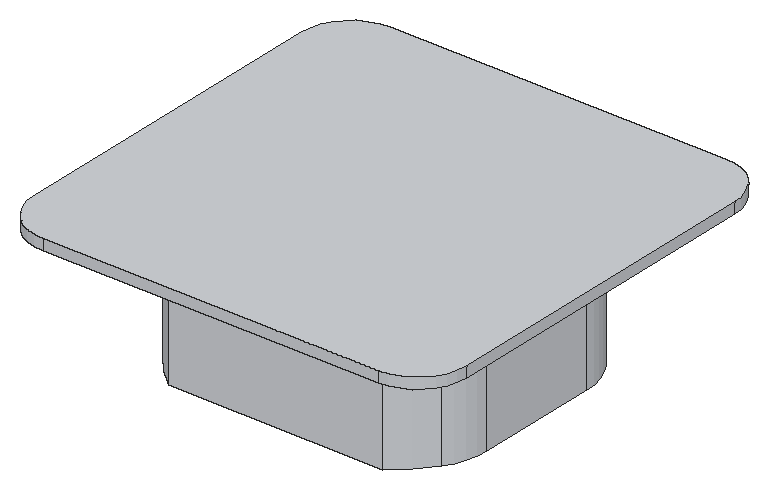
Revit family "Gira_017900", category Electrical Fixtures, host Face, Revit 2017
Family settings
  Host = Face
  Maintain Annotation Orientation = Yes
  Round Connector Dimension = Use Diameter
  Part Type = Normal
  Cut with Voids When Loaded = No
  Shared = No
  Room Calculation Point = No
Parameters
  Unterputz = "Yes"
  URL = "http://katalog.gira.de/de_DE/datenblatt.html?artikelnr=017900"
  Steckverbindertyp = "sonstige"
  Separater Erdungsanschluss = "No"
  Schutzart (IP) = "IP20"
  Region = "DE"
  Name = "UAE/IAE-Anschlussdose 1 x 8-p SRK Einsatz"
  Mit Textfeld = "No"
  Mit Staubschutz = "No"
  Mit Buchsen/Kupplungen = "No"
  Manufacturer URL = "https://www.gira.de/"
  Keynote = "Einsatz_1fach"
  Kategorie = "3 (*en-EN)"
  Kanaleinbau = "No"
  HeinzeBIM = "https://bimportal.heinze.de/bim/uae-iae-anschlussdose-1-x-8-p-srk-einsatz/3a243840ff644c68524c9fb3aa9d4124e4488498"
  HAN = "017900"
  Geeignet für Anzahl Buchsen/Kupplungen = "1 "
  GTIN = "4010337179009"
  Farbe = "sonstige"
  Designfähig = "No"
  Default Elevation = 1219.2 mm
  Data sheet (1) = "https://katalog.gira.de/de_DE/download.html?artikelnr=017900"
  Category = "Kommunikationsanschlussdose Kupfer"
  Bodentank/Unterflurmontage = "No"
  Befestigungsart = "schrauben"
  Available = "Yes"
  Auslassrichtung = "gerade"
  Aufputz = "No"
  Anschlussart = "Schraube"
  Abschlusswiderstand = "Yes"
Reference planes
  plane 1 "Center (Front/Back)": y = 0
  plane 2: z = 0
  plane 3 "Center (Left/Right)": x = 0
Forms (mm)
  Extrusion 1, solid, detail levels fine
    sketch origin (0, 0, 0) x (1, 0, 0) y (0, 1, 0)
      loop
        line (27.475, 35.475) -> (-27.475, 35.475)
        arc (-27.475, 35.475) -> (-33.132, 33.132) -> (-35.475, 27.475) r 8
        line (-35.475, 27.475) -> (-35.475, -27.475)
        arc (-35.475, -27.475) -> (-33.132, -33.132) -> (-27.475, -35.475) r 8
        line (-27.475, -35.475) -> (27.475, -35.475)
        arc (27.475, -35.475) -> (33.132, -33.132) -> (35.475, -27.475) r 8
        line (35.475, -27.475) -> (35.475, 27.475)
        arc (35.475, 27.475) -> (33.132, 33.132) -> (27.475, 35.475) r 8
    from 0 to 1.8
  Extrusion 2, solid, detail levels fine
    sketch origin (0, 0, 0) x (1, 0, 0) y (0, 1, 0)
      loop
        line (9.678, 25.4) -> (-9.678, 25.4)
        arc (-9.678, 25.4) -> (-12.885, 24.922) -> (-15.814, 23.53) r 11
        arc (-15.814, 23.53) -> (-17.795, 22.07) -> (-19.641, 20.444) r 28.35
        arc (-19.641, 20.444) -> (-21.339, 18.665) -> (-22.876, 16.745) r 28.35
        arc (-22.876, 16.745) -> (-24.456, 13.666) -> (-25, 10.248) r 11
        line (-25, 10.248) -> (-25, -10.248)
        arc (-25, -10.248) -> (-24.456, -13.666) -> (-22.876, -16.745) r 11
        arc (-22.876, -16.745) -> (-20.409, -19.677) -> (-17.569, -22.25) r 28.35
        line (-17.569, -22.25) -> (17.569, -22.25)
        arc (17.569, -22.25) -> (20.409, -19.677) -> (22.876, -16.745) r 28.35
        arc (22.876, -16.745) -> (24.456, -13.666) -> (25, -10.248) r 11
        line (25, -10.248) -> (25, 10.248)
        arc (25, 10.248) -> (24.456, 13.666) -> (22.876, 16.745) r 11
        arc (22.876, 16.745) -> (21.593, 18.37) -> (20.195, 19.897) r 28.35
        arc (20.195, 19.897) -> (18.096, 21.823) -> (15.814, 23.53) r 28.35
        arc (15.814, 23.53) -> (12.885, 24.922) -> (9.678, 25.4) r 11
    from -22 to 0
  Extrusion 3, solid, detail levels medium
    sketch origin (0, 0, 0) x (1, 0, 0) y (0, 1, 0)
      loop
        line (-25, 25.4) -> (-25, -22.25) -> (25, -22.25) -> (25, 25.4) -> (-25, 25.4)
    from -22 to 0
  Extrusion 4, solid, detail levels coarse
    sketch origin (0, 0, 0) x (1, 0, 0) y (0, 1, 0)
      loop
        line (35.475, 35.475) -> (-35.475, 35.475) -> (-35.475, -35.475) -> (35.475, -35.475) -> (35.475, 35.475)
    from -22 to 1.8
  Extrusion 5, solid, detail levels medium
    sketch origin (0, 0, 0) x (1, 0, 0) y (0, 1, 0)
      loop
        line (35.475, 35.475) -> (-35.475, 35.475) -> (-35.475, -35.475) -> (35.475, -35.475) -> (35.475, 35.475)
    from 0 to 1.8
Dimensions and locks
  aligned and locked: plane 2 to host face
  aligned and locked: level to host face
  aligned and locked: plane 3 "Center (Left/Right)" to nested 1
  aligned and locked: plane 1 "Center (Front/Back)" to nested 1
Nested families
  nested 1: "RJ45-Datendose Beschriftung" at (0, 0, 0), type "RJ45-Datendose Beschriftung"
Connectors
  electrical at (0, 0, -22)
    settings: on Extrusion 4, index 1, voltage 220 V, apparent load 0 VA, apparent load phase1 0 VA, apparent load phase2 0 VA, apparent load phase3 0 VA, power factor 1, load classification "Other", number of poles 1, system type 30, power factor state 1, is connector primary yes, connector utility no, sub classification motor no, connector description ""
Definition of nested family "RJ45-Datendose Beschriftung"
  Reference planes
    plane 1: y = 0
    plane 2: x = 0
  Lines and regions (mm)
    Filled region 1, type "Gefüllter Bereich 1"
      outline origin (0, 0, 0) x (1, 0, 0) y (0, 1, 0)
        loop
          circle (0, 2.4) r 0.4
    detail lines
      curve 1: line (0, 0, 0) -> (0, 2, 0)
      curve 2: line (0, 2, 0) -> (1.2, 2, 0)
      curve 3: line (1.2, 2, 0) -> (1.2, 3.6, 0)
      curve 4: circle (0, 2.4, 0) r 0.4 normal (0, 0, 1)
      curve 5: line (0, 2, 0) -> (-1.2, 2, 0)
      curve 6: line (-1.2, 2, 0) -> (-1.2, 3.6, 0)
